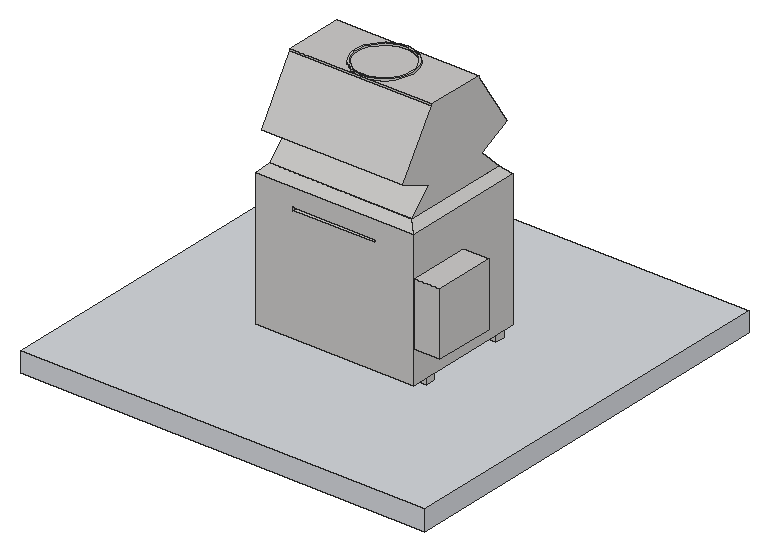
Revit family "DC_Rheem_PLM_Raypak_B0658ID", category Plumbing Fixtures, host Face, Revit 2020
Family settings
  Host = Face
  Round Connector Dimension = Use Radius
  Part Type = Normal
  Cut with Voids When Loaded = No
  Shared = No
  Room Calculation Point = No
Parameters (values of type "Raypak - Gas Water Heater- Indoor - 620 MJ/h  Propane gas, modulating gas control")
  Width_ANZRS = 955 mm
  URL = "http://www.rheem.com.au/CommercialProducts"
  Type Comments = "Recovery 2480L/h @ 50°C rise\r\n"
  TopH2_ANZRS = 125 mm
  TopH1_ANZRS = 350 mm
  TopDiaSmall_ANZRS = 350 mm
  TopDiaBig_ANZRS = 785 mm
  T_ANZRS = 50 mm
  Materials_ANZRS = Raypak - Grey Powder Coated Steel
  PVRDist_ANZRS = 85 mm
  PRV_ANZRS = 15 mm
  Model = "B0658PCM/ID\r\n\r\n"
  Manufacturer = "Raypak\r\n"
  Length_ANZRS = 750 mm
  L1_ANZRS = 387 mm
  HotWateroutletradius_ANZRS = 32.5 mm
  HotWateroutletDiameter_ANZRS = HotWateroutletradius_ANZRS * 2  # 65 mm
  HotWaterConn.Dist_ANZRS = 155 mm
  Height_ANZRS = 1460 mm
  H1_ANZRS = 935 mm
  GasInletradius_ANZRS = 10 mm
  GasInletHeight_ANZRS = 435 mm
  GasInletDiameter_ANZRS = GasInletradius_ANZRS * 2  # 20 mm
  GasConn.Dist_ANZRS = 95 mm
  EleBoxW_ANZRS = 160 mm
  EleBoxHeightFromBase_ANZRS = 235 mm
  EleBoxHeight_ANZRS = 380 mm
  DesignBy_ANZRS = "Design Content ©"
  Description = "Raypak - Gas Water Heater- Indoor - 620 MJ/h  Propane gas, modulating gas control\r\n"
  Default Elevation = 0 mm
  ConnHeight_ANZRS = 745 mm
  ColdWaterInletRadius_ANZRS = 32.5 mm
  ColdWaterInletDiameter_ANZRS = ColdWaterInletRadius_ANZRS * 2  # 65 mm
  ColdWaterConn.Dist_ANZRS = 280 mm
  BoxHeight_ANZRS = 850 mm
  Base1Dist_ANZRS = 75 mm
  BaseWidth_ANZRS = 55 mm
  BaseHeight_ANZRS = 35 mm
  Basae2Dist_ANZRS = 95 mm
  Author_ANZRS = "DM"
  Assembly Code = ""
Types (4, lengths in mm): name | Type Comments | Model | GasInletradius_ANZRS | GasInletDiameter_ANZRS | Description
  Raypak - Gas Water Heater- Indoor - 661 MJ/h  Natural gas, modulating gas control | "Recovery 2580L/h @ 50°C rise\r\n" | "B0658NCM/ID\r\n" | 12.5 | 25 | "Raypak - Gas Water Heater- Indoor - 661 MJ/h  Natural gas, modulating gas control\r\n"
  Raypak - Gas Water Heater- Indoor - 661  MJ/h  Natural gas, On/Off gas control | "Recovery 2580L/h @ 50°C rise\r\n" | "B0658NCO/ID\r\n" | 20 | 40 | "Raypak - Gas Water Heater- Indoor - 661  MJ/h  Natural gas, On/Off gas control"
  Raypak - Gas Water Heater- Indoor - 620 MJ/h  Propane gas, modulating gas control | "Recovery 2480L/h @ 50°C rise\r\n" | "B0658PCM/ID\r\n\r\n" | 10 | 20 | "Raypak - Gas Water Heater- Indoor - 620 MJ/h  Propane gas, modulating gas control\r\n"
  Raypak - Gas Water Heater- Indoor - 620 MJ/h  Propane gas, On/Off gas control | "Recovery 2480L/h @ 50°C rise\r\n" | "B0658PCO/ID\r\n\r\n\r\n" | 12.5 | 25 | "Raypak - Gas Water Heater- Indoor - 620 MJ/h  Propane gas, modulating gas controlRaypak - Gas Water Heater- Indoor - 620 MJ/h  Propane gas, On/Off gas control\r\n"
Reference planes
  plane 1 "Center (Front/Back)": y = 0
  plane 2: z = 0
  plane 3 "Center (Left/Right)": x = 0
  plane 4: y = 375
  plane 5: y = -375
  plane 6: x = -477.5
  plane 7: x = 477.5
  plane 8: z = 35
  plane 9: z = 850
  plane 10: y = 300
  plane 11: y = 245
  plane 12: y = -225
  plane 13: y = -280
  plane 14: y = -280
  plane 15: y = 220
  plane 16: y = -60
  plane 17: z = 745
  plane 18: y = 290
  plane 19: y = 175
  plane 20: y = -175
  plane 21: y = 392.5
  plane 22: y = -392.5
  plane 23: z = 1460
  plane 24: z = 1110
  plane 25: z = 985
  plane 26: y = 325
  plane 27: y = -325
  plane 28: z = 900
  plane 29: z = 435
  plane 30: x = -392.5
  plane 31: x = 392.5
  plane 32: x = -175
  plane 33: x = 175
  plane 34: x = 637.5
  plane 35: z = 615
  plane 36: z = 235
  plane 37: z = 725
  plane 38: x = 250
  plane 39: x = -250
  plane 40: y = -365
  plane 41: x = -467.5
  plane 42: z = 1440
  plane 43: z = 1450
  plane 44: y = -165
  plane 45: y = 325
  plane 46: y = -325
  plane 47: x = 427.5
  plane 48: x = -427.5
  plane 49: y = -7.5
Forms (mm)
  Extrusion 1, solid
    sketch origin (0, 0, 0) x (1, 0, 0) y (0, 1, 0)
      loop
        line (-1219.2, 1219.2) -> (-1219.2, -1219.2) -> (1219.2, -1219.2) -> (1219.2, 1219.2) -> (-1219.2, 1219.2)
    from 0 to -120
  Extrusion 2, solid, material "Raypak - Grey Powder Coated Steel" <- "Materials_ANZRS"
    sketch origin (0, 0, 0) x (1, 0, 0) y (0, 1, 0)
      loop
        line (-477.5, 375) -> (-477.5, -375) -> (477.5, -375) -> (477.5, 375) -> (-477.5, 375)
    from 35 to 850
  Extrusion 3, solid, material "Raypak - Grey Powder Coated Steel" <- "Materials_ANZRS"
    sketch origin (0, 0, 0) x (0, 1, 0) y (0, 0, 1)
      loop
        line (300, 35) -> (245, 35) -> (245, 0) -> (300, 0) -> (300, 35)
      loop
        line (-225, 35) -> (-280, 35) -> (-280, 0) -> (-225, 0) -> (-225, 35)
    from -477.5 to 477.5
  Extrusion 4, solid, material "Raypak - Grey Powder Coated Steel" <- "Materials_ANZRS"
    sketch origin (0, 0, 0) x (1, 0, 0) y (0, 0, 1)
      loop
        line (477.5, 615) -> (477.5, 235) -> (637.5, 235) -> (637.5, 615) -> (477.5, 615)
    from 7.5 to 375
  Extrusion 5, void
    sketch origin (0, 0, 0) x (1, 0, 0) y (0, 0, 1)
      loop
        line (-250, 745) -> (-250, 725) -> (250, 725) -> (250, 745) -> (-250, 745)
    from 344.946 to 375
  Extrusion 6, void
    sketch origin (0, 0, 0) x (0, 1, 0) y (0, 0, 1)
      loop
        circle (290, 745) r 15
      loop
        circle (220, 745) r 32.5
      loop
        circle (-60, 745) r 32.5
      loop
        circle (-280, 435) r 10
    from -477.5 to -467.5
  Blend 7, solid, material "Raypak - Grey Powder Coated Steel" <- "Materials_ANZRS"
    base sketch origin (0, 0, 0) x (1, 0, 0) y (0, 1, 0)
      loop
        line (-477.5, 375) -> (-477.5, -375) -> (477.5, -375) -> (477.5, 375) -> (-477.5, 375)
    top sketch origin (0, 0, 0) x (1, 0, 0) y (0, 1, 0)
      loop
        line (427.5, 325) -> (-427.5, 325) -> (-427.5, -325) -> (427.5, -325) -> (427.5, 325)
    from 850 to 900
  Extrusion 8, solid, material "Raypak - Grey Powder Coated Steel" <- "Materials_ANZRS"
    sketch origin (0, 0, 0) x (0, 1, 0) y (0, 0, 1)
      loop
        line (175, 1440) -> (175, 1450) -> (-175, 1450) -> (-175, 1440) -> (-392.5, 1110) -> (-200.648, 1024.352) -> (-325, 900) -> (325, 900) -> (200.648, 1024.352) -> (392.5, 1110) -> (175, 1440)
    from -427.5 to 427.5
  Revolve 9, solid, material "Raypak - Grey Powder Coated Steel" <- "Materials_ANZRS"
    sketch origin (0, 0, 0) x (0, 1, 0) y (0, 0, 1)
      loop
        line (-175, 1450) -> (-165, 1450) -> (-165, 1460) -> (-175, 1460) -> (-175, 1450)
      axis (0, 1460) -> (0, 1450)
    angle from 0 to 360
Cuts and joins
  Extrusion 5, Extrusion 6 cuts Extrusion 2
Lines and regions (mm)
  Masking region 1
    outline origin (0, 0, 0) x (1, 0, 0) y (0, 0, 1)
      loop
        line (-427.5, 1450) -> (-427.5, 900) -> (-477.5, 850) -> (-477.5, 0) -> (477.5, 0) -> (477.5, 235) -> (637.5, 235) -> (637.5, 615) -> (477.5, 615) -> (477.5, 850) -> (427.5, 900) -> (427.5, 1450) -> (175, 1450) -> (175, 1460) -> (-175, 1460) -> (-175, 1450) -> (-427.5, 1450)
  Masking region 2
    outline origin (0, 0, 0) x (0, 1, 0) y (0, 0, 1)
      loop
        line (-175, 1460) -> (-175, 1440) -> (-392.5, 1110) -> (-200.648, 1024.352) -> (-375, 850) -> (-375, 0) -> (375, 0) -> (375, 850) -> (200.648, 1024.352) -> (392.5, 1110) -> (175, 1440) -> (175, 1460) -> (-175, 1460)
  symbolic lines, style "Rheem Raypak", detail levels fine
    curve 1: line (-365, 392.5, 0) -> (365, 392.5, 0)
    curve 2: line (-365, -392.5, 0) -> (-365, 392.5, 0)
    curve 3: line (365, -392.5, 0) -> (-365, -392.5, 0)
    curve 4: line (365, 392.5, 0) -> (365, -392.5, 0)
    curve 5: line (365, 152.5, 0) -> (-365, 152.5, 0)
    curve 6: line (-365, -152.5, 0) -> (365, -152.5, 0)
    curve 7: arc (0, 152.5, 0) -> (152.5, 0, 0) -> (0, -152.5, 0) r 152.5
    curve 8: arc (0, -152.5, 0) -> (-152.5, 0, 0) -> (0, 152.5, 0) r 152.5
    curve 9: arc (0, -142.5, 0) -> (-142.5, 0, 0) -> (0, 142.5, 0) r 142.5
    curve 10: arc (0, 142.5, 0) -> (142.5, 0, 0) -> (0, -142.5, 0) r 142.5
    curve 11: line (-477.5, 375, 0) -> (-477.5, -375, 0)
    curve 12: line (477.5, -375, 0) -> (477.5, 375, 0)
    curve 13: line (-477.5, -375, 0) -> (-365, -375, 0)
    curve 14: line (477.5, 375, 0) -> (365, 375, 0)
    curve 15: line (365, 325, 0) -> (477.5, 375, 0)
    curve 16: line (477.5, -375, 0) -> (365, -325, 0)
    curve 17: line (-477.5, -375, 0) -> (-365, -325, 0)
    curve 18: line (-477.5, 375, 0) -> (-365, 325, 0)
    curve 19: line (637.5, -7.5, 0) -> (477.5, -7.5, 0)
    curve 20: line (637.5, -375, 0) -> (637.5, -7.5, 0)
    curve 21: line (477.5, -375, 0) -> (637.5, -375, 0)
    curve 22: line (365, -375, 0) -> (477.5, -375, 0)
    curve 23: line (-365, 375, 0) -> (-477.5, 375, 0)
    curve 24: line (-365, 0, 1450) -> (-365, 0, 900)
    curve 25: line (365, 0, 1450) -> (-365, 0, 1450)
    curve 26: line (-152.5, 0, 1460) -> (152.5, 0, 1460)
    curve 27: line (152.5, 0, 1450) -> (152.5, 0, 1460)
    curve 28: line (-152.5, 0, 1450) -> (-152.5, 0, 1460)
    curve 29: line (-365, 0, 1440) -> (365, 0, 1440)
    curve 30: line (-427.5, 0, 1110) -> (427.5, 0, 1110)
    curve 31: line (-427.5, 0, 1024.352) -> (427.5, 0, 1024.352)
    curve 32: line (-365, 0, 900) -> (365, 0, 900)
    curve 33: line (-365, 0, 900) -> (-477.5, 0, 850)
    curve 34: line (477.5, 0, 850) -> (365, 0, 900)
    curve 35: line (477.5, 0, 35) -> (477.5, 0, 850)
    curve 36: line (-477.5, 0, 850) -> (-477.5, 0, 35)
    curve 37: line (-477.5, 0, 850) -> (477.5, 0, 850)
    curve 38: line (-477.5, 0, 35) -> (477.5, 0, 35)
    curve 39: line (-477.5, 0, 35) -> (-477.5, 0, 0)
    curve 40: line (-477.5, 0, 0) -> (477.5, 0, 0)
    curve 41: line (477.5, 0, 0) -> (477.5, 0, 35)
    curve 42: line (477.5, 0, 235) -> (637.5, 0, 235)
    curve 43: line (637.5, 0, 235) -> (637.5, 0, 615)
    curve 44: line (637.5, 0, 615) -> (477.5, 0, 615)
    curve 45: line (250, 0, 745) -> (-250, 0, 745)
    curve 46: line (250, 0, 725) -> (250, 0, 745)
    curve 47: line (-250, 0, 725) -> (250, 0, 725)
    curve 48: line (-250, 0, 745) -> (-250, 0, 725)
    curve 49: line (0, -152.5, 1460) -> (0, 152.5, 1460)
    curve 50: line (0, 152.5, 1450) -> (0, -152.5, 1450)
    curve 51: line (0, -152.5, 1460) -> (0, -152.5, 1440)
    curve 52: line (0, 152.5, 1440) -> (0, 152.5, 1460)
    curve 53: line (0, -152.5, 1440) -> (0, -392.5, 1110)
    curve 54: line (0, 392.5, 1110) -> (0, 152.5, 1440)
    curve 55: line (0, 200.648, 1024.352) -> (0, 392.5, 1110)
    curve 56: line (0, -392.5, 1110) -> (0, -200.648, 1024.352)
    curve 57: line (0, -200.648, 1024.352) -> (0, -375, 850)
    curve 58: line (0, 375, 850) -> (0, 200.648, 1024.352)
    curve 59: line (0, -375, 850) -> (0, 375, 850)
    curve 60: line (0, -325, 900) -> (0, 325, 900)
    curve 61: line (0, -375, 850) -> (0, -375, 35)
    curve 62: line (0, 375, 35) -> (0, 375, 850)
    curve 63: line (0, -375, 35) -> (0, 375, 35)
    curve 64: line (0, 245, 35) -> (0, 245, 0)
    curve 65: line (0, 300, 0) -> (0, 300, 35)
    curve 66: line (0, 245, 0) -> (0, 300, 0)
    curve 67: line (0, -225, 0) -> (0, -225, 35)
    curve 68: line (0, -280, 35) -> (0, -280, 0)
    curve 69: line (0, -280, 0) -> (0, -225, 0)
    curve 70: arc (0, -290, 435) -> (0, -280, 425) -> (0, -270, 435) r 10
    curve 71: arc (0, -270, 435) -> (0, -280, 445) -> (0, -290, 435) r 10
    curve 72: arc (0, -92.5, 745) -> (0, -60, 712.5) -> (0, -27.5, 745) r 32.5
    curve 73: arc (0, -27.5, 745) -> (0, -60, 777.5) -> (0, -92.5, 745) r 32.5
    curve 74: arc (0, 187.5, 745) -> (0, 220, 712.5) -> (0, 252.5, 745) r 32.5
    curve 75: arc (0, 252.5, 745) -> (0, 220, 777.5) -> (0, 187.5, 745) r 32.5
    curve 76: arc (0, 305, 745) -> (0, 290, 760) -> (0, 275, 745) r 15
    curve 77: arc (0, 275, 745) -> (0, 290, 730) -> (0, 305, 745) r 15
Dimensions and locks
  equal spacing: plane 4, plane 1 "Center (Front/Back)", plane 5
  "Length_ANZRS": plane 4 to plane 5
  equal spacing: plane 6, plane 3 "Center (Left/Right)", plane 7
  "Width_ANZRS": plane 6 to plane 7
  "BaseHeight_ANZRS": plane 8 to Extrusion 1
  "BoxHeight_ANZRS": plane 9 to Extrusion 1
  "Base1Dist_ANZRS": plane 4 to plane 10
  "BaseWidth_ANZRS": plane 10 to plane 11
  "Basae2Dist_ANZRS": plane 13 to plane 5
  "BaseWidth_ANZRS": plane 12 to plane 13
  "GasConn.Dist_ANZRS": plane 14 to plane 5
  "HotWaterConn.Dist_ANZRS": plane 4 to plane 15
  "ColdWaterConn.Dist_ANZRS": plane 15 to plane 16
  "ConnHeight_ANZRS": plane 17 to Extrusion 1
  "PVRDist_ANZRS": plane 4 to plane 18
  equal spacing: plane 19, plane 1 "Center (Front/Back)", plane 20
  "TopDiaSmall_ANZRS": plane 19 to plane 20
  equal spacing: plane 21, plane 1 "Center (Front/Back)", plane 22
  "TopDiaBig_ANZRS": plane 21 to plane 22
  "Height_ANZRS": plane 23 to Extrusion 1
  "T_ANZRS": plane 4 to plane 26
  "T_ANZRS": plane 27 to plane 5
  "TopH1_ANZRS": plane 23 to plane 24
  "TopH2_ANZRS": plane 24 to plane 25
  "GasInletHeight_ANZRS": plane 29 to Extrusion 1
  equal spacing: plane 32, plane 3 "Center (Left/Right)", plane 33
  equal spacing: plane 30, plane 3 "Center (Left/Right)", plane 31
  "TopDiaBig_ANZRS": plane 30 to plane 31
  "TopDiaSmall_ANZRS": plane 32 to plane 33
  "EleBoxW_ANZRS": plane 34 to plane 7
  "EleBoxHeight_ANZRS": plane 35 to plane 36
  "EleBoxHeightFromBase_ANZRS": plane 36 to Extrusion 1
  equal spacing: plane 38, plane 3 "Center (Left/Right)", plane 39
  plane 38 to plane 39 = 500 mm
  locked: plane 40 to plane 5 at 10
  locked: plane 6 to plane 41 at 10
  "T_ANZRS": plane 28 to plane 9
  plane 23 to plane 42 = 20 mm
  equal spacing: plane 23, plane 43, plane 42
  locked: plane 44 to plane 20 at 10
  plane 45 to Extrusion 4 = 332.5 mm
  locked: Extrusion 4 to plane 46 at 50
  locked: plane 47 to plane 7 at 50
  locked: plane 6 to plane 48 at 50
  plane 22 to plane 49 = 385 mm
  "GasInletradius_ANZRS": radius of Extrusion 6 sketch curve
  "ColdWaterInletRadius_ANZRS": radius of Extrusion 6 sketch curve
  "HotWateroutletradius_ANZRS": radius of Extrusion 6 sketch curve
  "PRV_ANZRS": radius of Extrusion 6 sketch curve
  aligned and locked: plane 2 to Extrusion 1
  aligned and locked: level to Extrusion 1
  aligned and locked: Extrusion 2 sketch curve to plane 4
  aligned and locked: plane 6 to Extrusion 2 sketch curve
  aligned and locked: Extrusion 2 sketch curve to plane 5
  aligned and locked: plane 7 to Extrusion 2 sketch curve
  aligned and locked: Extrusion 2 to plane 8
  aligned and locked: plane 9 to Extrusion 2
  aligned and locked: plane 8 to Extrusion 3 sketch curve  (x2)
  aligned and locked: Extrusion 3 sketch curve to plane 10
  aligned and locked: Extrusion 3 sketch curve to level  (x2)
  aligned and locked: plane 11 to Extrusion 3 sketch curve
  aligned and locked: Extrusion 3 sketch curve to plane 12
  aligned and locked: plane 14 to Extrusion 3 sketch curve
  aligned and locked: Extrusion 3 to plane 6
  aligned and locked: Extrusion 3 to plane 7
  aligned and locked: Extrusion 4 sketch curve to plane 35
  aligned and locked: Extrusion 4 sketch curve to plane 7
  aligned and locked: plane 36 to Extrusion 4 sketch curve
  aligned and locked: Extrusion 4 sketch curve to plane 34
  aligned and locked: Extrusion 5 sketch curve to plane 17
  aligned and locked: plane 39 to Extrusion 5 sketch curve
  aligned and locked: plane 37 to Extrusion 5 sketch curve
  aligned and locked: Extrusion 5 sketch curve to plane 38
  aligned and locked: plane 5 to Extrusion 5
  aligned and locked: plane 17 to Extrusion 6 sketch curve  (x3)
  aligned and locked: plane 18 to Extrusion 6 sketch curve
  aligned and locked: plane 15 to Extrusion 6 sketch curve
  aligned and locked: plane 16 to Extrusion 6 sketch curve
  aligned and locked: plane 14 to Extrusion 6 sketch curve
  aligned and locked: plane 29 to Extrusion 6 sketch curve
  aligned and locked: Extrusion 6 to plane 6
  aligned and locked: Extrusion 6 to plane 41
  aligned and locked: Blend 7 sketch curve to cut or joined group of Extrusion 2, Extrusion 5, Extrusion 6  (x4)
  aligned and locked: Blend 7 to plane 9
  aligned and locked: plane 28 to Blend 7
  aligned and locked: plane 19 to Extrusion 8 sketch curve
  aligned and locked: Extrusion 8 sketch curve to plane 20
  aligned and locked: Extrusion 8 sketch curve to Blend 7  (x2)
  aligned and locked: plane 28 to Extrusion 8 sketch curve
  aligned and locked: Extrusion 8 to Blend 7  (x2)
  aligned and locked: Extrusion 8 sketch curve to plane 43
  aligned and locked: Revolve 9 sketch curve to plane 20
  aligned and locked: plane 23 to Revolve 9 sketch curve
  aligned and locked: Extrusion 8 to Revolve 9 sketch curve
  aligned and locked: Revolve 9 sketch curve to plane 44
  aligned and locked: Masking region 1 sketch curve to Extrusion 8  (x3)
  aligned and locked: Masking region 1 sketch curve to Revolve 9
  aligned and locked: Masking region 1 sketch curve to Blend 7  (x2)
  aligned and locked: Masking region 1 sketch curve to cut or joined group of Extrusion 2, Extrusion 5, Extrusion 6  (x2)
  aligned and locked: Extrusion 1 to Masking region 1 sketch curve
  aligned and locked: Masking region 1 sketch curve to plane 33
  aligned and locked: Masking region 1 sketch curve to plane 32
  aligned and locked: Masking region 1 sketch curve to plane 35
  aligned and locked: Masking region 1 sketch curve to plane 34
  aligned and locked: Masking region 1 sketch curve to plane 36
  aligned and locked: Masking region 2 sketch curve to Revolve 9
  aligned and locked: Masking region 2 sketch curve to Extrusion 8  (x8)
  aligned and locked: Masking region 2 sketch curve to cut or joined group of Extrusion 2, Extrusion 5, Extrusion 6  (x2)
  aligned and locked: Extrusion 1 to Masking region 2 sketch curve
  aligned and locked: cut or joined group of Extrusion 2, Extrusion 5, Extrusion 6 to Extrusion 4
  aligned and locked: Blend 7 sketch curve to plane 48
  aligned and locked: plane 45 to Blend 7 sketch curve
  aligned and locked: Blend 7 sketch curve to plane 47
  aligned and locked: plane 46 to Blend 7 sketch curve
  aligned and locked: curve 74 to cut or joined group of Extrusion 2, Extrusion 5, Extrusion 6
  aligned and locked: curve 72 to cut or joined group of Extrusion 2, Extrusion 5, Extrusion 6
  aligned and locked: curve 70 to cut or joined group of Extrusion 2, Extrusion 5, Extrusion 6
  aligned and locked: Extrusion 4 to plane 49
Automatic sketch dimensions
  Extrusion 1 sketch curve to Extrusion 1 sketch curve = 2438.4 mm  (x2)
  Extrusion 8 sketch curve to plane 22 = 0 mm
  Extrusion 8 sketch curve to plane 21 = 0 mm
  Extrusion 8 sketch curve to plane 24 = 0 mm  (x2)
  Extrusion 8 sketch curve to plane 42 = 0 mm  (x2)
  Extrusion 8 sketch curve to plane 12 = 24.352 mm
  plane 15 to Extrusion 8 sketch curve = 19.352 mm
  Revolve 9 sketch curve to plane 1 "Center (Front/Back)" = 0 mm
  Revolve 9 sketch curve to level = 2207.352 mm
  plane 23 to Revolve 9 sketch curve = 883.807 mm
  Masking region 1 sketch curve to plane 43 = 0 mm
  plane 7 to Masking region 1 sketch curve = 0 mm
  curve 56 to plane 22 = 0 mm
  curve 61 to plane 5 = 0 mm
  curve 60 to plane 27 = 0 mm
  curve 68 to plane 13 = 0 mm
  curve 69 to plane 12 = 0 mm
  curve 53 to plane 42 = 0 mm
  curve 50 to plane 43 = 0 mm
  curve 52 to plane 23 = 0 mm
  plane 42 to curve 52 = 0 mm
  curve 64 to level = 0 mm
  curve 66 to plane 11 = 0 mm
  curve 77 to plane 17 = 0 mm
  curve 77 to plane 18 = 0 mm
  curve 65 to plane 10 = 0 mm
  curve 60 to plane 26 = 0 mm
  curve 62 to plane 4 = 0 mm
  curve 55 to plane 21 = 0 mm
  curve 68 to level = 0 mm
  curve 67 to plane 8 = 0 mm
  curve 61 to plane 9 = 0 mm
  curve 60 to plane 28 = 0 mm
  curve 56 to plane 24 = 0 mm
  curve 54 to plane 24 = 0 mm
  curve 56 to plane 12 = 24.352 mm
  curve 51 to plane 44 = 12.5 mm
  curve 49 to plane 19 = 22.5 mm
  plane 15 to curve 58 = 19.352 mm
  plane 18 to curve 77 = 15 mm
  curve 36 to plane 6 = 0 mm
  curve 30 to plane 24 = 0 mm
  curve 30 to plane 48 = 0 mm
  curve 31 to plane 48 = 0 mm
  curve 24 to plane 28 = 0 mm
  curve 29 to plane 42 = 0 mm
  curve 25 to plane 43 = 0 mm
  curve 45 to plane 17 = 0 mm
  curve 45 to plane 39 = 0 mm
  curve 28 to plane 23 = 0 mm
  curve 47 to plane 37 = 0 mm
  curve 47 to plane 38 = 0 mm
  plane 47 to curve 30 = 0 mm
  plane 47 to curve 31 = 0 mm
  plane 7 to curve 42 = 0 mm
  curve 43 to plane 34 = 0 mm
  curve 40 to level = 0 mm
  curve 39 to plane 8 = 0 mm
  curve 42 to plane 36 = 0 mm
  curve 43 to plane 35 = 0 mm
  curve 33 to plane 9 = 0 mm
  curve 24 to plane 30 = 27.5 mm
  curve 28 to plane 32 = 22.5 mm
  curve 26 to plane 33 = 22.5 mm
  curve 34 to plane 31 = 27.5 mm
  curve 25 to plane 31 = 27.5 mm
  curve 25 to curve 29 = 0 mm
  curve 31 to plane 25 = 39.352 mm
  curve 7 to curve 8 = 0 mm
  curve 7 to curve 9 = 0 mm  (x2)
  plane 5 to curve 11 = 0 mm
  curve 11 to plane 6 = 0 mm
  curve 2 to plane 21 = 0 mm
  curve 23 to plane 4 = 0 mm
  plane 26 to curve 18 = 0 mm
  curve 17 to plane 27 = 0 mm
  plane 22 to curve 2 = 0 mm
  curve 8 to plane 3 "Center (Left/Right)" = 0 mm
  plane 5 to curve 22 = 0 mm
  curve 14 to plane 4 = 0 mm
  plane 26 to curve 15 = 0 mm
  curve 16 to plane 27 = 0 mm
  curve 19 to plane 7 = 0 mm
  curve 20 to plane 34 = 0 mm
  plane 49 to curve 19 = 0 mm
  plane 1 "Center (Front/Back)" to curve 8 = 0 mm
  curve 2 to plane 30 = 27.5 mm
  curve 22 to plane 31 = 27.5 mm
  curve 6 to plane 44 = 12.5 mm
  curve 7 to curve 9 = 10 mm
Connectors
  piping at (-477.5, 290, 745), diameter 30, driven by "PRV_ANZRS"
    settings: on cut or joined group of Extrusion 2, Extrusion 5, Extrusion 6, index 1, connector inside diameter 1.1811", connector length 0 mm, flow factor 0, pipe flow 0 GPM, pressure drop 0.00 psi, fitting loss kfactor 0, connector angle 0.00°, fixture units 0, engagement length 0 mm, angle of deflection 0.00°, flow configuration 1, flow direction 2, fitting loss method 0, system type 22, joint type 0, gender type 0, connector reference index -1, connector utility 0, adjustable connector no, is connector primary yes, connector description "PRV"
  piping at (-477.5, 220, 745), diameter 65, driven by "HotWateroutletradius_ANZRS"
    settings: on cut or joined group of Extrusion 2, Extrusion 5, Extrusion 6, index 2, connector inside diameter 2.55906", connector length 0 mm, flow factor 0, pipe flow 0 GPM, pressure drop 0.00 psi, fitting loss kfactor 0, connector angle 0.00°, fixture units 0, engagement length 0 mm, angle of deflection 0.00°, flow configuration 1, flow direction 2, fitting loss method 0, system type 19, joint type 0, gender type 0, connector reference index -1, connector utility 0, adjustable connector no, is connector primary no, connector description ""
  piping at (-477.5, -60, 745), diameter 65, driven by "ColdWaterInletRadius_ANZRS"
    settings: on cut or joined group of Extrusion 2, Extrusion 5, Extrusion 6, index 3, connector inside diameter 2.55906", connector length 0 mm, flow factor 0, pipe flow 0 GPM, pressure drop 0.00 psi, fitting loss kfactor 0, connector angle 0.00°, fixture units 0, engagement length 0 mm, angle of deflection 0.00°, flow configuration 1, flow direction 1, fitting loss method 0, system type 20, joint type 0, gender type 0, connector reference index -1, connector utility 0, adjustable connector no, is connector primary no, connector description ""
  piping at (-477.5, -280, 435), diameter 20, driven by "GasInletradius_ANZRS"
    settings: on cut or joined group of Extrusion 2, Extrusion 5, Extrusion 6, index 4, connector inside diameter 0.98425", connector length 0 mm, flow factor 0, pipe flow 0 GPM, pressure drop 0.00 psi, fitting loss kfactor 0, connector angle 0.00°, fixture units 0, engagement length 0 mm, angle of deflection 0.00°, flow configuration 1, flow direction 1, fitting loss method 0, system type 22, joint type 0, gender type 0, connector reference index -1, connector utility 0, adjustable connector no, is connector primary no, connector description "Gas"
